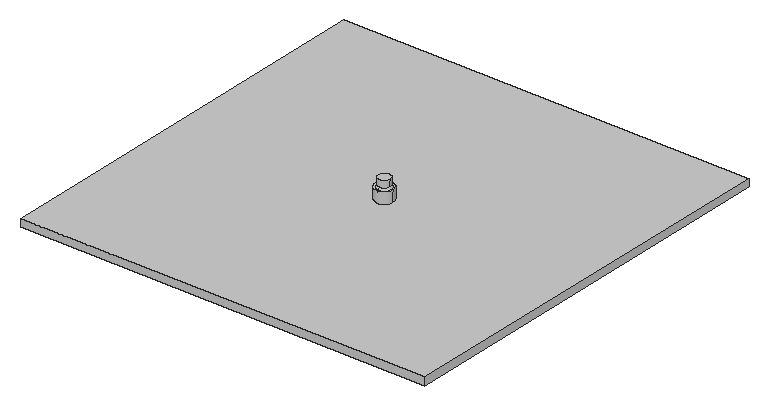
Revit family "SG0086523061CW", category Aparatos sanitarios, Revit 2019 (continued)
Forms (mm)
  Extrusion 575, solid, material "Bronce" <- "Bronce"
    sketch origin (150, -225, 2438.4) x (1, 0, 0) y (0, 1, 0)
      loop
        circle (-375, 375) r 0.896
    from -53.558 to -53.305
  Extrusion 576, solid, material "Bronce" <- "Bronce"
    sketch origin (136.097, -211.426, 2438.4) x (1, 0, 0) y (0, 1, 0)
      loop
        circle (-336.097, 361.426) r 1
    from -53.305 to -53
  Extrusion 577, solid, material "Bronce" <- "Bronce"
    sketch origin (175, -225, 2438.4) x (1, 0, 0) y (0, 1, 0)
      loop
        circle (-375, 375) r 0.896
    from -53.558 to -53.305
  Extrusion 578, solid, material "Bronce" <- "Bronce"
    sketch origin (161.097, -211.426, 2438.4) x (1, 0, 0) y (0, 1, 0)
      loop
        circle (-336.097, 361.426) r 1
    from -53.305 to -53
  Extrusion 579, solid, material "Bronce" <- "Bronce"
    sketch origin (200, -225, 2438.4) x (1, 0, 0) y (0, 1, 0)
      loop
        circle (-375, 375) r 0.896
    from -53.558 to -53.305
  Extrusion 580, solid, material "Bronce" <- "Bronce"
    sketch origin (186.097, -211.426, 2438.4) x (1, 0, 0) y (0, 1, 0)
      loop
        circle (-336.097, 361.426) r 1
    from -53.305 to -53
  Extrusion 581, solid, material "Bronce" <- "Bronce"
    sketch origin (225, -225, 2438.4) x (1, 0, 0) y (0, 1, 0)
      loop
        circle (-375, 375) r 0.896
    from -53.558 to -53.305
  Extrusion 582, solid, material "Bronce" <- "Bronce"
    sketch origin (211.097, -211.426, 2438.4) x (1, 0, 0) y (0, 1, 0)
      loop
        circle (-336.097, 361.426) r 1
    from -53.305 to -53
  Extrusion 583, solid, material "Bronce" <- "Bronce"
    sketch origin (250, -225, 2438.4) x (1, 0, 0) y (0, 1, 0)
      loop
        circle (-375, 375) r 0.896
    from -53.558 to -53.305
  Extrusion 584, solid, material "Bronce" <- "Bronce"
    sketch origin (236.097, -211.426, 2438.4) x (1, 0, 0) y (0, 1, 0)
      loop
        circle (-336.097, 361.426) r 1
    from -53.305 to -53
  Extrusion 585, solid, material "Bronce" <- "Bronce"
    sketch origin (275, -225, 2438.4) x (1, 0, 0) y (0, 1, 0)
      loop
        circle (-375, 375) r 0.896
    from -53.558 to -53.305
  Extrusion 586, solid, material "Bronce" <- "Bronce"
    sketch origin (261.097, -211.426, 2438.4) x (1, 0, 0) y (0, 1, 0)
      loop
        circle (-336.097, 361.426) r 1
    from -53.305 to -53
  Extrusion 587, solid, material "Bronce" <- "Bronce"
    sketch origin (300, -225, 2438.4) x (1, 0, 0) y (0, 1, 0)
      loop
        circle (-375, 375) r 0.896
    from -53.558 to -53.305
  Extrusion 588, solid, material "Bronce" <- "Bronce"
    sketch origin (286.097, -211.426, 2438.4) x (1, 0, 0) y (0, 1, 0)
      loop
        circle (-336.097, 361.426) r 1
    from -53.305 to -53
  Extrusion 589, solid, material "Bronce" <- "Bronce"
    sketch origin (325, -225, 2438.4) x (1, 0, 0) y (0, 1, 0)
      loop
        circle (-375, 375) r 0.896
    from -53.558 to -53.305
  Extrusion 590, solid, material "Bronce" <- "Bronce"
    sketch origin (311.097, -211.426, 2438.4) x (1, 0, 0) y (0, 1, 0)
      loop
        circle (-336.097, 361.426) r 1
    from -53.305 to -53
  Extrusion 591, solid, material "Bronce" <- "Bronce"
    sketch origin (350, -225, 2438.4) x (1, 0, 0) y (0, 1, 0)
      loop
        circle (-375, 375) r 0.896
    from -53.558 to -53.305
  Extrusion 592, solid, material "Bronce" <- "Bronce"
    sketch origin (336.097, -211.426, 2438.4) x (1, 0, 0) y (0, 1, 0)
      loop
        circle (-336.097, 361.426) r 1
    from -53.305 to -53
  Extrusion 593, solid, material "Bronce" <- "Bronce"
    sketch origin (375, -225, 2438.4) x (1, 0, 0) y (0, 1, 0)
      loop
        circle (-375, 375) r 0.896
    from -53.558 to -53.305
  Extrusion 594, solid, material "Bronce" <- "Bronce"
    sketch origin (361.097, -211.426, 2438.4) x (1, 0, 0) y (0, 1, 0)
      loop
        circle (-336.097, 361.426) r 1
    from -53.305 to -53
  Extrusion 595, solid, material "Bronce" <- "Bronce"
    sketch origin (400, -225, 2438.4) x (1, 0, 0) y (0, 1, 0)
      loop
        circle (-375, 375) r 0.896
    from -53.558 to -53.305
  Extrusion 596, solid, material "Bronce" <- "Bronce"
    sketch origin (386.097, -211.426, 2438.4) x (1, 0, 0) y (0, 1, 0)
      loop
        circle (-336.097, 361.426) r 1
    from -53.305 to -53
  Extrusion 597, solid, material "Bronce" <- "Bronce"
    sketch origin (425, -225, 2438.4) x (1, 0, 0) y (0, 1, 0)
      loop
        circle (-375, 375) r 0.896
    from -53.558 to -53.305
  Extrusion 598, solid, material "Bronce" <- "Bronce"
    sketch origin (411.097, -211.426, 2438.4) x (1, 0, 0) y (0, 1, 0)
      loop
        circle (-336.097, 361.426) r 1
    from -53.305 to -53
  Extrusion 599, solid, material "Bronce" <- "Bronce"
    sketch origin (450, -225, 2438.4) x (1, 0, 0) y (0, 1, 0)
      loop
        circle (-375, 375) r 0.896
    from -53.558 to -53.305
  Extrusion 600, solid, material "Bronce" <- "Bronce"
    sketch origin (436.097, -211.426, 2438.4) x (1, 0, 0) y (0, 1, 0)
      loop
        circle (-336.097, 361.426) r 1
    from -53.305 to -53
  Extrusion 601, solid, material "Bronce" <- "Bronce"
    sketch origin (475, -225, 2438.4) x (1, 0, 0) y (0, 1, 0)
      loop
        circle (-375, 375) r 0.896
    from -53.558 to -53.305
  Extrusion 602, solid, material "Bronce" <- "Bronce"
    sketch origin (461.097, -211.426, 2438.4) x (1, 0, 0) y (0, 1, 0)
      loop
        circle (-336.097, 361.426) r 1
    from -53.305 to -53
  Extrusion 603, solid, material "Bronce" <- "Bronce"
    sketch origin (500, -225, 2438.4) x (1, 0, 0) y (0, 1, 0)
      loop
        circle (-375, 375) r 0.896
    from -53.558 to -53.305
  Extrusion 604, solid, material "Bronce" <- "Bronce"
    sketch origin (486.097, -211.426, 2438.4) x (1, 0, 0) y (0, 1, 0)
      loop
        circle (-336.097, 361.426) r 1
    from -53.305 to -53
  Extrusion 605, solid, material "Bronce" <- "Bronce"
    sketch origin (525, -225, 2438.4) x (1, 0, 0) y (0, 1, 0)
      loop
        circle (-375, 375) r 0.896
    from -53.558 to -53.305
  Extrusion 606, solid, material "Bronce" <- "Bronce"
    sketch origin (511.097, -211.426, 2438.4) x (1, 0, 0) y (0, 1, 0)
      loop
        circle (-336.097, 361.426) r 1
    from -53.305 to -53
  Extrusion 607, solid, material "Bronce" <- "Bronce"
    sketch origin (550, -225, 2438.4) x (1, 0, 0) y (0, 1, 0)
      loop
        circle (-375, 375) r 0.896
    from -53.558 to -53.305
  Extrusion 608, solid, material "Bronce" <- "Bronce"
    sketch origin (536.097, -211.426, 2438.4) x (1, 0, 0) y (0, 1, 0)
      loop
        circle (-336.097, 361.426) r 1
    from -53.305 to -53
  Extrusion 609, solid, material "Bronce" <- "Bronce"
    sketch origin (575, -225, 2438.4) x (1, 0, 0) y (0, 1, 0)
      loop
        circle (-375, 375) r 0.896
    from -53.558 to -53.305
  Extrusion 610, solid, material "Bronce" <- "Bronce"
    sketch origin (561.097, -211.426, 2438.4) x (1, 0, 0) y (0, 1, 0)
      loop
        circle (-336.097, 361.426) r 1
    from -53.305 to -53
  Extrusion 611, solid, material "Bronce" <- "Bronce"
    sketch origin (600, -225, 2438.4) x (1, 0, 0) y (0, 1, 0)
      loop
        circle (-375, 375) r 0.896
    from -53.558 to -53.305
  Extrusion 612, solid, material "Bronce" <- "Bronce"
    sketch origin (586.097, -211.426, 2438.4) x (1, 0, 0) y (0, 1, 0)
      loop
        circle (-336.097, 361.426) r 1
    from -53.305 to -53
  Extrusion 613, solid, material "Bronce" <- "Bronce"
    sketch origin (625, -225, 2438.4) x (1, 0, 0) y (0, 1, 0)
      loop
        circle (-375, 375) r 0.896
    from -53.558 to -53.305
  Extrusion 614, solid, material "Bronce" <- "Bronce"
    sketch origin (611.097, -211.426, 2438.4) x (1, 0, 0) y (0, 1, 0)
      loop
        circle (-336.097, 361.426) r 1
    from -53.305 to -53
  Extrusion 615, solid, material "Bronce" <- "Bronce"
    sketch origin (650, -225, 2438.4) x (1, 0, 0) y (0, 1, 0)
      loop
        circle (-375, 375) r 0.896
    from -53.558 to -53.305
  Extrusion 616, solid, material "Bronce" <- "Bronce"
    sketch origin (636.097, -211.426, 2438.4) x (1, 0, 0) y (0, 1, 0)
      loop
        circle (-336.097, 361.426) r 1
    from -53.305 to -53
  Extrusion 617, solid, material "Bronce" <- "Bronce"
    sketch origin (675, -225, 2438.4) x (1, 0, 0) y (0, 1, 0)
      loop
        circle (-375, 375) r 0.896
    from -53.558 to -53.305
  Extrusion 618, solid, material "Bronce" <- "Bronce"
    sketch origin (661.097, -211.426, 2438.4) x (1, 0, 0) y (0, 1, 0)
      loop
        circle (-336.097, 361.426) r 1
    from -53.305 to -53
  Extrusion 619, solid, material "Bronce" <- "Bronce"
    sketch origin (700, -225, 2438.4) x (1, 0, 0) y (0, 1, 0)
      loop
        circle (-375, 375) r 0.896
    from -53.558 to -53.305
  Extrusion 620, solid, material "Bronce" <- "Bronce"
    sketch origin (686.097, -211.426, 2438.4) x (1, 0, 0) y (0, 1, 0)
      loop
        circle (-336.097, 361.426) r 1
    from -53.305 to -53
  Extrusion 621, solid, material "Bronce" <- "Bronce"
    sketch origin (725, -225, 2438.4) x (1, 0, 0) y (0, 1, 0)
      loop
        circle (-375, 375) r 0.896
    from -53.558 to -53.305
  Extrusion 622, solid, material "Bronce" <- "Bronce"
    sketch origin (711.097, -211.426, 2438.4) x (1, 0, 0) y (0, 1, 0)
      loop
        circle (-336.097, 361.426) r 1
    from -53.305 to -53
  Extrusion 623, solid, material "Bronce" <- "Bronce"
    sketch origin (750, -225, 2438.4) x (1, 0, 0) y (0, 1, 0)
      loop
        circle (-375, 375) r 0.896
    from -53.558 to -53.305
  Extrusion 624, solid, material "Bronce" <- "Bronce"
    sketch origin (-38.903, -236.426, 2438.4) x (1, 0, 0) y (0, 1, 0)
      loop
        circle (-336.097, 361.426) r 1
    from -53.305 to -53
  Extrusion 625, solid, material "Bronce" <- "Bronce"
    sketch origin (0, -250, 2438.4) x (1, 0, 0) y (0, 1, 0)
      loop
        circle (-375, 375) r 0.896
    from -53.558 to -53.305
  Extrusion 626, solid, material "Bronce" <- "Bronce"
    sketch origin (-13.903, -236.426, 2438.4) x (1, 0, 0) y (0, 1, 0)
      loop
        circle (-336.097, 361.426) r 1
    from -53.305 to -53
  Extrusion 627, solid, material "Bronce" <- "Bronce"
    sketch origin (25, -250, 2438.4) x (1, 0, 0) y (0, 1, 0)
      loop
        circle (-375, 375) r 0.896
    from -53.558 to -53.305
  Extrusion 628, solid, material "Bronce" <- "Bronce"
    sketch origin (11.097, -236.426, 2438.4) x (1, 0, 0) y (0, 1, 0)
      loop
        circle (-336.097, 361.426) r 1
    from -53.305 to -53
  Extrusion 629, solid, material "Bronce" <- "Bronce"
    sketch origin (50, -250, 2438.4) x (1, 0, 0) y (0, 1, 0)
      loop
        circle (-375, 375) r 0.896
    from -53.558 to -53.305
  Extrusion 630, solid, material "Bronce" <- "Bronce"
    sketch origin (36.097, -236.426, 2438.4) x (1, 0, 0) y (0, 1, 0)
      loop
        circle (-336.097, 361.426) r 1
    from -53.305 to -53
  Extrusion 631, solid, material "Bronce" <- "Bronce"
    sketch origin (75, -250, 2438.4) x (1, 0, 0) y (0, 1, 0)
      loop
        circle (-375, 375) r 0.896
    from -53.558 to -53.305
  Extrusion 632, solid, material "Bronce" <- "Bronce"
    sketch origin (61.097, -236.426, 2438.4) x (1, 0, 0) y (0, 1, 0)
      loop
        circle (-336.097, 361.426) r 1
    from -53.305 to -53
  Extrusion 633, solid, material "Bronce" <- "Bronce"
    sketch origin (100, -250, 2438.4) x (1, 0, 0) y (0, 1, 0)
      loop
        circle (-375, 375) r 0.896
    from -53.558 to -53.305
  Extrusion 634, solid, material "Bronce" <- "Bronce"
    sketch origin (86.097, -236.426, 2438.4) x (1, 0, 0) y (0, 1, 0)
      loop
        circle (-336.097, 361.426) r 1
    from -53.305 to -53
  Extrusion 635, solid, material "Bronce" <- "Bronce"
    sketch origin (125, -250, 2438.4) x (1, 0, 0) y (0, 1, 0)
      loop
        circle (-375, 375) r 0.896
    from -53.558 to -53.305
  Extrusion 636, solid, material "Bronce" <- "Bronce"
    sketch origin (111.097, -236.426, 2438.4) x (1, 0, 0) y (0, 1, 0)
      loop
        circle (-336.097, 361.426) r 1
    from -53.305 to -53
  Extrusion 637, solid, material "Bronce" <- "Bronce"
    sketch origin (150, -250, 2438.4) x (1, 0, 0) y (0, 1, 0)
      loop
        circle (-375, 375) r 0.896
    from -53.558 to -53.305
  Extrusion 638, solid, material "Bronce" <- "Bronce"
    sketch origin (136.097, -236.426, 2438.4) x (1, 0, 0) y (0, 1, 0)
      loop
        circle (-336.097, 361.426) r 1
    from -53.305 to -53
  Extrusion 639, solid, material "Bronce" <- "Bronce"
    sketch origin (175, -250, 2438.4) x (1, 0, 0) y (0, 1, 0)
      loop
        circle (-375, 375) r 0.896
    from -53.558 to -53.305
  Extrusion 640, solid, material "Bronce" <- "Bronce"
    sketch origin (161.097, -236.426, 2438.4) x (1, 0, 0) y (0, 1, 0)
      loop
        circle (-336.097, 361.426) r 1
    from -53.305 to -53
  Extrusion 641, solid, material "Bronce" <- "Bronce"
    sketch origin (200, -250, 2438.4) x (1, 0, 0) y (0, 1, 0)
      loop
        circle (-375, 375) r 0.896
    from -53.558 to -53.305
  Extrusion 642, solid, material "Bronce" <- "Bronce"
    sketch origin (186.097, -236.426, 2438.4) x (1, 0, 0) y (0, 1, 0)
      loop
        circle (-336.097, 361.426) r 1
    from -53.305 to -53
  Extrusion 643, solid, material "Bronce" <- "Bronce"
    sketch origin (225, -250, 2438.4) x (1, 0, 0) y (0, 1, 0)
      loop
        circle (-375, 375) r 0.896
    from -53.558 to -53.305
  Extrusion 644, solid, material "Bronce" <- "Bronce"
    sketch origin (211.097, -236.426, 2438.4) x (1, 0, 0) y (0, 1, 0)
      loop
        circle (-336.097, 361.426) r 1
    from -53.305 to -53
  Extrusion 645, solid, material "Bronce" <- "Bronce"
    sketch origin (250, -250, 2438.4) x (1, 0, 0) y (0, 1, 0)
      loop
        circle (-375, 375) r 0.896
    from -53.558 to -53.305
  Extrusion 646, solid, material "Bronce" <- "Bronce"
    sketch origin (236.097, -236.426, 2438.4) x (1, 0, 0) y (0, 1, 0)
      loop
        circle (-336.097, 361.426) r 1
    from -53.305 to -53
  Extrusion 647, solid, material "Bronce" <- "Bronce"
    sketch origin (275, -250, 2438.4) x (1, 0, 0) y (0, 1, 0)
      loop
        circle (-375, 375) r 0.896
    from -53.558 to -53.305
  Extrusion 648, solid, material "Bronce" <- "Bronce"
    sketch origin (261.097, -236.426, 2438.4) x (1, 0, 0) y (0, 1, 0)
      loop
        circle (-336.097, 361.426) r 1
    from -53.305 to -53
  Extrusion 649, solid, material "Bronce" <- "Bronce"
    sketch origin (300, -250, 2438.4) x (1, 0, 0) y (0, 1, 0)
      loop
        circle (-375, 375) r 0.896
    from -53.558 to -53.305
  Extrusion 650, solid, material "Bronce" <- "Bronce"
    sketch origin (286.097, -236.426, 2438.4) x (1, 0, 0) y (0, 1, 0)
      loop
        circle (-336.097, 361.426) r 1
    from -53.305 to -53
  Extrusion 651, solid, material "Bronce" <- "Bronce"
    sketch origin (325, -250, 2438.4) x (1, 0, 0) y (0, 1, 0)
      loop
        circle (-375, 375) r 0.896
    from -53.558 to -53.305
  Extrusion 652, solid, material "Bronce" <- "Bronce"
    sketch origin (311.097, -236.426, 2438.4) x (1, 0, 0) y (0, 1, 0)
      loop
        circle (-336.097, 361.426) r 1
    from -53.305 to -53
  Extrusion 653, solid, material "Bronce" <- "Bronce"
    sketch origin (350, -250, 2438.4) x (1, 0, 0) y (0, 1, 0)
      loop
        circle (-375, 375) r 0.896
    from -53.558 to -53.305
  Extrusion 654, solid, material "Bronce" <- "Bronce"
    sketch origin (336.097, -236.426, 2438.4) x (1, 0, 0) y (0, 1, 0)
      loop
        circle (-336.097, 361.426) r 1
    from -53.305 to -53
  Extrusion 655, solid, material "Bronce" <- "Bronce"
    sketch origin (375, -250, 2438.4) x (1, 0, 0) y (0, 1, 0)
      loop
        circle (-375, 375) r 0.896
    from -53.558 to -53.305
  Extrusion 656, solid, material "Bronce" <- "Bronce"
    sketch origin (361.097, -236.426, 2438.4) x (1, 0, 0) y (0, 1, 0)
      loop
        circle (-336.097, 361.426) r 1
    from -53.305 to -53
  Extrusion 657, solid, material "Bronce" <- "Bronce"
    sketch origin (400, -250, 2438.4) x (1, 0, 0) y (0, 1, 0)
      loop
        circle (-375, 375) r 0.896
    from -53.558 to -53.305
  Extrusion 658, solid, material "Bronce" <- "Bronce"
    sketch origin (386.097, -236.426, 2438.4) x (1, 0, 0) y (0, 1, 0)
      loop
        circle (-336.097, 361.426) r 1
    from -53.305 to -53
  Extrusion 659, solid, material "Bronce" <- "Bronce"
    sketch origin (425, -250, 2438.4) x (1, 0, 0) y (0, 1, 0)
      loop
        circle (-375, 375) r 0.896
    from -53.558 to -53.305
  Extrusion 660, solid, material "Bronce" <- "Bronce"
    sketch origin (411.097, -236.426, 2438.4) x (1, 0, 0) y (0, 1, 0)
      loop
        circle (-336.097, 361.426) r 1
    from -53.305 to -53
  Extrusion 661, solid, material "Bronce" <- "Bronce"
    sketch origin (450, -250, 2438.4) x (1, 0, 0) y (0, 1, 0)
      loop
        circle (-375, 375) r 0.896
    from -53.558 to -53.305
  Extrusion 662, solid, material "Bronce" <- "Bronce"
    sketch origin (436.097, -236.426, 2438.4) x (1, 0, 0) y (0, 1, 0)
      loop
        circle (-336.097, 361.426) r 1
    from -53.305 to -53
  Extrusion 663, solid, material "Bronce" <- "Bronce"
    sketch origin (475, -250, 2438.4) x (1, 0, 0) y (0, 1, 0)
      loop
        circle (-375, 375) r 0.896
    from -53.558 to -53.305
  Extrusion 664, solid, material "Bronce" <- "Bronce"
    sketch origin (461.097, -236.426, 2438.4) x (1, 0, 0) y (0, 1, 0)
      loop
        circle (-336.097, 361.426) r 1
    from -53.305 to -53
  Extrusion 665, solid, material "Bronce" <- "Bronce"
    sketch origin (500, -250, 2438.4) x (1, 0, 0) y (0, 1, 0)
      loop
        circle (-375, 375) r 0.896
    from -53.558 to -53.305
  Extrusion 666, solid, material "Bronce" <- "Bronce"
    sketch origin (486.097, -236.426, 2438.4) x (1, 0, 0) y (0, 1, 0)
      loop
        circle (-336.097, 361.426) r 1
    from -53.305 to -53
  Extrusion 667, solid, material "Bronce" <- "Bronce"
    sketch origin (525, -250, 2438.4) x (1, 0, 0) y (0, 1, 0)
      loop
        circle (-375, 375) r 0.896
    from -53.558 to -53.305
  Extrusion 668, solid, material "Bronce" <- "Bronce"
    sketch origin (511.097, -236.426, 2438.4) x (1, 0, 0) y (0, 1, 0)
      loop
        circle (-336.097, 361.426) r 1
    from -53.305 to -53
  Extrusion 669, solid, material "Bronce" <- "Bronce"
    sketch origin (550, -250, 2438.4) x (1, 0, 0) y (0, 1, 0)
      loop
        circle (-375, 375) r 0.896
    from -53.558 to -53.305
  Extrusion 670, solid, material "Bronce" <- "Bronce"
    sketch origin (536.097, -236.426, 2438.4) x (1, 0, 0) y (0, 1, 0)
      loop
        circle (-336.097, 361.426) r 1
    from -53.305 to -53
  Extrusion 671, solid, material "Bronce" <- "Bronce"
    sketch origin (575, -250, 2438.4) x (1, 0, 0) y (0, 1, 0)
      loop
        circle (-375, 375) r 0.896
    from -53.558 to -53.305
  Extrusion 672, solid, material "Bronce" <- "Bronce"
    sketch origin (561.097, -236.426, 2438.4) x (1, 0, 0) y (0, 1, 0)
      loop
        circle (-336.097, 361.426) r 1
    from -53.305 to -53
  Extrusion 673, solid, material "Bronce" <- "Bronce"
    sketch origin (600, -250, 2438.4) x (1, 0, 0) y (0, 1, 0)
      loop
        circle (-375, 375) r 0.896
    from -53.558 to -53.305
  Extrusion 674, solid, material "Bronce" <- "Bronce"
    sketch origin (586.097, -236.426, 2438.4) x (1, 0, 0) y (0, 1, 0)
      loop
        circle (-336.097, 361.426) r 1
    from -53.305 to -53
  Extrusion 675, solid, material "Bronce" <- "Bronce"
    sketch origin (625, -250, 2438.4) x (1, 0, 0) y (0, 1, 0)
      loop
        circle (-375, 375) r 0.896
    from -53.558 to -53.305
  Extrusion 676, solid, material "Bronce" <- "Bronce"
    sketch origin (611.097, -236.426, 2438.4) x (1, 0, 0) y (0, 1, 0)
      loop
        circle (-336.097, 361.426) r 1
    from -53.305 to -53
  Extrusion 677, solid, material "Bronce" <- "Bronce"
    sketch origin (650, -250, 2438.4) x (1, 0, 0) y (0, 1, 0)
      loop
        circle (-375, 375) r 0.896
    from -53.558 to -53.305
  Extrusion 678, solid, material "Bronce" <- "Bronce"
    sketch origin (636.097, -236.426, 2438.4) x (1, 0, 0) y (0, 1, 0)
      loop
        circle (-336.097, 361.426) r 1
    from -53.305 to -53
  Extrusion 679, solid, material "Bronce" <- "Bronce"
    sketch origin (675, -250, 2438.4) x (1, 0, 0) y (0, 1, 0)
      loop
        circle (-375, 375) r 0.896
    from -53.558 to -53.305
  Extrusion 680, solid, material "Bronce" <- "Bronce"
    sketch origin (661.097, -236.426, 2438.4) x (1, 0, 0) y (0, 1, 0)
      loop
        circle (-336.097, 361.426) r 1
    from -53.305 to -53
  Extrusion 681, solid, material "Bronce" <- "Bronce"
    sketch origin (700, -250, 2438.4) x (1, 0, 0) y (0, 1, 0)
      loop
        circle (-375, 375) r 0.896
    from -53.558 to -53.305
  Extrusion 682, solid, material "Bronce" <- "Bronce"
    sketch origin (686.097, -236.426, 2438.4) x (1, 0, 0) y (0, 1, 0)
      loop
        circle (-336.097, 361.426) r 1
    from -53.305 to -53
  Extrusion 683, solid, material "Bronce" <- "Bronce"
    sketch origin (725, -250, 2438.4) x (1, 0, 0) y (0, 1, 0)
      loop
        circle (-375, 375) r 0.896
    from -53.558 to -53.305
  Extrusion 684, solid, material "Bronce" <- "Bronce"
    sketch origin (711.097, -236.426, 2438.4) x (1, 0, 0) y (0, 1, 0)
      loop
        circle (-336.097, 361.426) r 1
    from -53.305 to -53
  Extrusion 685, solid, material "Bronce" <- "Bronce"
    sketch origin (750, -250, 2438.4) x (1, 0, 0) y (0, 1, 0)
      loop
        circle (-375, 375) r 0.896
    from -53.558 to -53.305
  Extrusion 686, solid, material "Bronce" <- "Bronce"
    sketch origin (-38.903, -261.426, 2438.4) x (1, 0, 0) y (0, 1, 0)
      loop
        circle (-336.097, 361.426) r 1
    from -53.305 to -53
  Extrusion 687, solid, material "Bronce" <- "Bronce"
    sketch origin (0, -275, 2438.4) x (1, 0, 0) y (0, 1, 0)
      loop
        circle (-375, 375) r 0.896
    from -53.558 to -53.305
  Extrusion 688, solid, material "Bronce" <- "Bronce"
    sketch origin (-13.903, -261.426, 2438.4) x (1, 0, 0) y (0, 1, 0)
      loop
        circle (-336.097, 361.426) r 1
    from -53.305 to -53
  Extrusion 689, solid, material "Bronce" <- "Bronce"
    sketch origin (25, -275, 2438.4) x (1, 0, 0) y (0, 1, 0)
      loop
        circle (-375, 375) r 0.896
    from -53.558 to -53.305
  Extrusion 690, solid, material "Bronce" <- "Bronce"
    sketch origin (11.097, -261.426, 2438.4) x (1, 0, 0) y (0, 1, 0)
      loop
        circle (-336.097, 361.426) r 1
    from -53.305 to -53
  Extrusion 691, solid, material "Bronce" <- "Bronce"
    sketch origin (50, -275, 2438.4) x (1, 0, 0) y (0, 1, 0)
      loop
        circle (-375, 375) r 0.896
    from -53.558 to -53.305
  Extrusion 692, solid, material "Bronce" <- "Bronce"
    sketch origin (36.097, -261.426, 2438.4) x (1, 0, 0) y (0, 1, 0)
      loop
        circle (-336.097, 361.426) r 1
    from -53.305 to -53
  Extrusion 693, solid, material "Bronce" <- "Bronce"
    sketch origin (75, -275, 2438.4) x (1, 0, 0) y (0, 1, 0)
      loop
        circle (-375, 375) r 0.896
    from -53.558 to -53.305
  Extrusion 694, solid, material "Bronce" <- "Bronce"
    sketch origin (61.097, -261.426, 2438.4) x (1, 0, 0) y (0, 1, 0)
      loop
        circle (-336.097, 361.426) r 1
    from -53.305 to -53
  Extrusion 695, solid, material "Bronce" <- "Bronce"
    sketch origin (100, -275, 2438.4) x (1, 0, 0) y (0, 1, 0)
      loop
        circle (-375, 375) r 0.896
    from -53.558 to -53.305
  Extrusion 696, solid, material "Bronce" <- "Bronce"
    sketch origin (86.097, -261.426, 2438.4) x (1, 0, 0) y (0, 1, 0)
      loop
        circle (-336.097, 361.426) r 1
    from -53.305 to -53
  Extrusion 697, solid, material "Bronce" <- "Bronce"
    sketch origin (125, -275, 2438.4) x (1, 0, 0) y (0, 1, 0)
      loop
        circle (-375, 375) r 0.896
    from -53.558 to -53.305
  Extrusion 698, solid, material "Bronce" <- "Bronce"
    sketch origin (111.097, -261.426, 2438.4) x (1, 0, 0) y (0, 1, 0)
      loop
        circle (-336.097, 361.426) r 1
    from -53.305 to -53
  Extrusion 699, solid, material "Bronce" <- "Bronce"
    sketch origin (150, -275, 2438.4) x (1, 0, 0) y (0, 1, 0)
      loop
        circle (-375, 375) r 0.896
    from -53.558 to -53.305
  Extrusion 700, solid, material "Bronce" <- "Bronce"
    sketch origin (136.097, -261.426, 2438.4) x (1, 0, 0) y (0, 1, 0)
      loop
        circle (-336.097, 361.426) r 1
    from -53.305 to -53
  Extrusion 701, solid, material "Bronce" <- "Bronce"
    sketch origin (175, -275, 2438.4) x (1, 0, 0) y (0, 1, 0)
      loop
        circle (-375, 375) r 0.896
    from -53.558 to -53.305
  Extrusion 702, solid, material "Bronce" <- "Bronce"
    sketch origin (161.097, -261.426, 2438.4) x (1, 0, 0) y (0, 1, 0)
      loop
        circle (-336.097, 361.426) r 1
    from -53.305 to -53
  Extrusion 703, solid, material "Bronce" <- "Bronce"
    sketch origin (200, -275, 2438.4) x (1, 0, 0) y (0, 1, 0)
      loop
        circle (-375, 375) r 0.896
    from -53.558 to -53.305
  Extrusion 704, solid, material "Bronce" <- "Bronce"
    sketch origin (186.097, -261.426, 2438.4) x (1, 0, 0) y (0, 1, 0)
      loop
        circle (-336.097, 361.426) r 1
    from -53.305 to -53
  Extrusion 705, solid, material "Bronce" <- "Bronce"
    sketch origin (225, -275, 2438.4) x (1, 0, 0) y (0, 1, 0)
      loop
        circle (-375, 375) r 0.896
    from -53.558 to -53.305
  Extrusion 706, solid, material "Bronce" <- "Bronce"
    sketch origin (211.097, -261.426, 2438.4) x (1, 0, 0) y (0, 1, 0)
      loop
        circle (-336.097, 361.426) r 1
    from -53.305 to -53
  Extrusion 707, solid, material "Bronce" <- "Bronce"
    sketch origin (250, -275, 2438.4) x (1, 0, 0) y (0, 1, 0)
      loop
        circle (-375, 375) r 0.896
    from -53.558 to -53.305
  Extrusion 708, solid, material "Bronce" <- "Bronce"
    sketch origin (236.097, -261.426, 2438.4) x (1, 0, 0) y (0, 1, 0)
      loop
        circle (-336.097, 361.426) r 1
    from -53.305 to -53
  Extrusion 709, solid, material "Bronce" <- "Bronce"
    sketch origin (275, -275, 2438.4) x (1, 0, 0) y (0, 1, 0)
      loop
        circle (-375, 375) r 0.896
    from -53.558 to -53.305
  Extrusion 710, solid, material "Bronce" <- "Bronce"
    sketch origin (261.097, -261.426, 2438.4) x (1, 0, 0) y (0, 1, 0)
      loop
        circle (-336.097, 361.426) r 1
    from -53.305 to -53
  Extrusion 711, solid, material "Bronce" <- "Bronce"
    sketch origin (300, -275, 2438.4) x (1, 0, 0) y (0, 1, 0)
      loop
        circle (-375, 375) r 0.896
    from -53.558 to -53.305
  Extrusion 712, solid, material "Bronce" <- "Bronce"
    sketch origin (286.097, -261.426, 2438.4) x (1, 0, 0) y (0, 1, 0)
      loop
        circle (-336.097, 361.426) r 1
    from -53.305 to -53
  Extrusion 713, solid, material "Bronce" <- "Bronce"
    sketch origin (325, -275, 2438.4) x (1, 0, 0) y (0, 1, 0)
      loop
        circle (-375, 375) r 0.896
    from -53.558 to -53.305
  Extrusion 714, solid, material "Bronce" <- "Bronce"
    sketch origin (311.097, -261.426, 2438.4) x (1, 0, 0) y (0, 1, 0)
      loop
        circle (-336.097, 361.426) r 1
    from -53.305 to -53
  Extrusion 715, solid, material "Bronce" <- "Bronce"
    sketch origin (350, -275, 2438.4) x (1, 0, 0) y (0, 1, 0)
      loop
        circle (-375, 375) r 0.896
    from -53.558 to -53.305
  Extrusion 716, solid, material "Bronce" <- "Bronce"
    sketch origin (336.097, -261.426, 2438.4) x (1, 0, 0) y (0, 1, 0)
      loop
        circle (-336.097, 361.426) r 1
    from -53.305 to -53
  Extrusion 717, solid, material "Bronce" <- "Bronce"
    sketch origin (375, -275, 2438.4) x (1, 0, 0) y (0, 1, 0)
      loop
        circle (-375, 375) r 0.896
    from -53.558 to -53.305
  Extrusion 718, solid, material "Bronce" <- "Bronce"
    sketch origin (361.097, -261.426, 2438.4) x (1, 0, 0) y (0, 1, 0)
      loop
        circle (-336.097, 361.426) r 1
    from -53.305 to -53
  Extrusion 719, solid, material "Bronce" <- "Bronce"
    sketch origin (400, -275, 2438.4) x (1, 0, 0) y (0, 1, 0)
      loop
        circle (-375, 375) r 0.896
    from -53.558 to -53.305
  Extrusion 720, solid, material "Bronce" <- "Bronce"
    sketch origin (386.097, -261.426, 2438.4) x (1, 0, 0) y (0, 1, 0)
      loop
        circle (-336.097, 361.426) r 1
    from -53.305 to -53
  Extrusion 721, solid, material "Bronce" <- "Bronce"
    sketch origin (425, -275, 2438.4) x (1, 0, 0) y (0, 1, 0)
      loop
        circle (-375, 375) r 0.896
    from -53.558 to -53.305
  Extrusion 722, solid, material "Bronce" <- "Bronce"
    sketch origin (411.097, -261.426, 2438.4) x (1, 0, 0) y (0, 1, 0)
      loop
        circle (-336.097, 361.426) r 1
    from -53.305 to -53
  Extrusion 723, solid, material "Bronce" <- "Bronce"
    sketch origin (450, -275, 2438.4) x (1, 0, 0) y (0, 1, 0)
      loop
        circle (-375, 375) r 0.896
    from -53.558 to -53.305
  Extrusion 724, solid, material "Bronce" <- "Bronce"
    sketch origin (436.097, -261.426, 2438.4) x (1, 0, 0) y (0, 1, 0)
      loop
        circle (-336.097, 361.426) r 1
    from -53.305 to -53
  Extrusion 725, solid, material "Bronce" <- "Bronce"
    sketch origin (475, -275, 2438.4) x (1, 0, 0) y (0, 1, 0)
      loop
        circle (-375, 375) r 0.896
    from -53.558 to -53.305
  Extrusion 726, solid, material "Bronce" <- "Bronce"
    sketch origin (461.097, -261.426, 2438.4) x (1, 0, 0) y (0, 1, 0)
      loop
        circle (-336.097, 361.426) r 1
    from -53.305 to -53
  Extrusion 727, solid, material "Bronce" <- "Bronce"
    sketch origin (500, -275, 2438.4) x (1, 0, 0) y (0, 1, 0)
      loop
        circle (-375, 375) r 0.896
    from -53.558 to -53.305
  Extrusion 728, solid, material "Bronce" <- "Bronce"
    sketch origin (486.097, -261.426, 2438.4) x (1, 0, 0) y (0, 1, 0)
      loop
        circle (-336.097, 361.426) r 1
    from -53.305 to -53
  Extrusion 729, solid, material "Bronce" <- "Bronce"
    sketch origin (525, -275, 2438.4) x (1, 0, 0) y (0, 1, 0)
      loop
        circle (-375, 375) r 0.896
    from -53.558 to -53.305
  Extrusion 730, solid, material "Bronce" <- "Bronce"
    sketch origin (511.097, -261.426, 2438.4) x (1, 0, 0) y (0, 1, 0)
      loop
        circle (-336.097, 361.426) r 1
    from -53.305 to -53
  Extrusion 731, solid, material "Bronce" <- "Bronce"
    sketch origin (550, -275, 2438.4) x (1, 0, 0) y (0, 1, 0)
      loop
        circle (-375, 375) r 0.896
    from -53.558 to -53.305
  Extrusion 732, solid, material "Bronce" <- "Bronce"
    sketch origin (536.097, -261.426, 2438.4) x (1, 0, 0) y (0, 1, 0)
      loop
        circle (-336.097, 361.426) r 1
    from -53.305 to -53
  Extrusion 733, solid, material "Bronce" <- "Bronce"
    sketch origin (575, -275, 2438.4) x (1, 0, 0) y (0, 1, 0)
      loop
        circle (-375, 375) r 0.896
    from -53.558 to -53.305
  Extrusion 734, solid, material "Bronce" <- "Bronce"
    sketch origin (561.097, -261.426, 2438.4) x (1, 0, 0) y (0, 1, 0)
      loop
        circle (-336.097, 361.426) r 1
    from -53.305 to -53
  Extrusion 735, solid, material "Bronce" <- "Bronce"
    sketch origin (600, -275, 2438.4) x (1, 0, 0) y (0, 1, 0)
      loop
        circle (-375, 375) r 0.896
    from -53.558 to -53.305
  Extrusion 736, solid, material "Bronce" <- "Bronce"
    sketch origin (586.097, -261.426, 2438.4) x (1, 0, 0) y (0, 1, 0)
      loop
        circle (-336.097, 361.426) r 1
    from -53.305 to -53
  Extrusion 737, solid, material "Bronce" <- "Bronce"
    sketch origin (625, -275, 2438.4) x (1, 0, 0) y (0, 1, 0)
      loop
        circle (-375, 375) r 0.896
    from -53.558 to -53.305
  Extrusion 738, solid, material "Bronce" <- "Bronce"
    sketch origin (611.097, -261.426, 2438.4) x (1, 0, 0) y (0, 1, 0)
      loop
        circle (-336.097, 361.426) r 1
    from -53.305 to -53
  Extrusion 739, solid, material "Bronce" <- "Bronce"
    sketch origin (650, -275, 2438.4) x (1, 0, 0) y (0, 1, 0)
      loop
        circle (-375, 375) r 0.896
    from -53.558 to -53.305
  Extrusion 740, solid, material "Bronce" <- "Bronce"
    sketch origin (636.097, -261.426, 2438.4) x (1, 0, 0) y (0, 1, 0)
      loop
        circle (-336.097, 361.426) r 1
    from -53.305 to -53
  Extrusion 741, solid, material "Bronce" <- "Bronce"
    sketch origin (675, -275, 2438.4) x (1, 0, 0) y (0, 1, 0)
      loop
        circle (-375, 375) r 0.896
    from -53.558 to -53.305
  Extrusion 742, solid, material "Bronce" <- "Bronce"
    sketch origin (661.097, -261.426, 2438.4) x (1, 0, 0) y (0, 1, 0)
      loop
        circle (-336.097, 361.426) r 1
    from -53.305 to -53
  Extrusion 743, solid, material "Bronce" <- "Bronce"
    sketch origin (700, -275, 2438.4) x (1, 0, 0) y (0, 1, 0)
      loop
        circle (-375, 375) r 0.896
    from -53.558 to -53.305
  Extrusion 744, solid, material "Bronce" <- "Bronce"
    sketch origin (686.097, -261.426, 2438.4) x (1, 0, 0) y (0, 1, 0)
      loop
        circle (-336.097, 361.426) r 1
    from -53.305 to -53
  Extrusion 745, solid, material "Bronce" <- "Bronce"
    sketch origin (725, -275, 2438.4) x (1, 0, 0) y (0, 1, 0)
      loop
        circle (-375, 375) r 0.896
    from -53.558 to -53.305
  Extrusion 746, solid, material "Bronce" <- "Bronce"
    sketch origin (711.097, -261.426, 2438.4) x (1, 0, 0) y (0, 1, 0)
      loop
        circle (-336.097, 361.426) r 1
    from -53.305 to -53
  Extrusion 747, solid, material "Bronce" <- "Bronce"
    sketch origin (750, -275, 2438.4) x (1, 0, 0) y (0, 1, 0)
      loop
        circle (-375, 375) r 0.896
    from -53.558 to -53.305
  Extrusion 748, solid, material "Bronce" <- "Bronce"
    sketch origin (-38.903, -286.426, 2438.4) x (1, 0, 0) y (0, 1, 0)
      loop
        circle (-336.097, 361.426) r 1
    from -53.305 to -53
  Extrusion 749, solid, material "Bronce" <- "Bronce"
    sketch origin (0, -300, 2438.4) x (1, 0, 0) y (0, 1, 0)
      loop
        circle (-375, 375) r 0.896
    from -53.558 to -53.305
  Extrusion 750, solid, material "Bronce" <- "Bronce"
    sketch origin (-13.903, -286.426, 2438.4) x (1, 0, 0) y (0, 1, 0)
      loop
        circle (-336.097, 361.426) r 1
    from -53.305 to -53
  Extrusion 751, solid, material "Bronce" <- "Bronce"
    sketch origin (25, -300, 2438.4) x (1, 0, 0) y (0, 1, 0)
      loop
        circle (-375, 375) r 0.896
    from -53.558 to -53.305
  Extrusion 752, solid, material "Bronce" <- "Bronce"
    sketch origin (11.097, -286.426, 2438.4) x (1, 0, 0) y (0, 1, 0)
      loop
        circle (-336.097, 361.426) r 1
    from -53.305 to -53
  Extrusion 753, solid, material "Bronce" <- "Bronce"
    sketch origin (50, -300, 2438.4) x (1, 0, 0) y (0, 1, 0)
      loop
        circle (-375, 375) r 0.896
    from -53.558 to -53.305
  Extrusion 754, solid, material "Bronce" <- "Bronce"
    sketch origin (36.097, -286.426, 2438.4) x (1, 0, 0) y (0, 1, 0)
      loop
        circle (-336.097, 361.426) r 1
    from -53.305 to -53
  Extrusion 755, solid, material "Bronce" <- "Bronce"
    sketch origin (75, -300, 2438.4) x (1, 0, 0) y (0, 1, 0)
      loop
        circle (-375, 375) r 0.896
    from -53.558 to -53.305
  Extrusion 756, solid, material "Bronce" <- "Bronce"
    sketch origin (61.097, -286.426, 2438.4) x (1, 0, 0) y (0, 1, 0)
      loop
        circle (-336.097, 361.426) r 1
    from -53.305 to -53
  Extrusion 757, solid, material "Bronce" <- "Bronce"
    sketch origin (100, -300, 2438.4) x (1, 0, 0) y (0, 1, 0)
      loop
        circle (-375, 375) r 0.896
    from -53.558 to -53.305
  Extrusion 758, solid, material "Bronce" <- "Bronce"
    sketch origin (86.097, -286.426, 2438.4) x (1, 0, 0) y (0, 1, 0)
      loop
        circle (-336.097, 361.426) r 1
    from -53.305 to -53
  Extrusion 759, solid, material "Bronce" <- "Bronce"
    sketch origin (125, -300, 2438.4) x (1, 0, 0) y (0, 1, 0)
      loop
        circle (-375, 375) r 0.896
    from -53.558 to -53.305
  Extrusion 760, solid, material "Bronce" <- "Bronce"
    sketch origin (111.097, -286.426, 2438.4) x (1, 0, 0) y (0, 1, 0)
      loop
        circle (-336.097, 361.426) r 1
    from -53.305 to -53
  Extrusion 761, solid, material "Bronce" <- "Bronce"
    sketch origin (150, -300, 2438.4) x (1, 0, 0) y (0, 1, 0)
      loop
        circle (-375, 375) r 0.896
    from -53.558 to -53.305
  Extrusion 762, solid, material "Bronce" <- "Bronce"
    sketch origin (136.097, -286.426, 2438.4) x (1, 0, 0) y (0, 1, 0)
      loop
        circle (-336.097, 361.426) r 1
    from -53.305 to -53
  Extrusion 763, solid, material "Bronce" <- "Bronce"
    sketch origin (175, -300, 2438.4) x (1, 0, 0) y (0, 1, 0)
      loop
        circle (-375, 375) r 0.896
    from -53.558 to -53.305
  Extrusion 764, solid, material "Bronce" <- "Bronce"
    sketch origin (161.097, -286.426, 2438.4) x (1, 0, 0) y (0, 1, 0)
      loop
        circle (-336.097, 361.426) r 1
    from -53.305 to -53
  Extrusion 765, solid, material "Bronce" <- "Bronce"
    sketch origin (200, -300, 2438.4) x (1, 0, 0) y (0, 1, 0)
      loop
        circle (-375, 375) r 0.896
    from -53.558 to -53.305
  Extrusion 766, solid, material "Bronce" <- "Bronce"
    sketch origin (186.097, -286.426, 2438.4) x (1, 0, 0) y (0, 1, 0)
      loop
        circle (-336.097, 361.426) r 1
    from -53.305 to -53
  Extrusion 767, solid, material "Bronce" <- "Bronce"
    sketch origin (225, -300, 2438.4) x (1, 0, 0) y (0, 1, 0)
      loop
        circle (-375, 375) r 0.896
    from -53.558 to -53.305
  Extrusion 768, solid, material "Bronce" <- "Bronce"
    sketch origin (211.097, -286.426, 2438.4) x (1, 0, 0) y (0, 1, 0)
      loop
        circle (-336.097, 361.426) r 1
    from -53.305 to -53
  Extrusion 769, solid, material "Bronce" <- "Bronce"
    sketch origin (250, -300, 2438.4) x (1, 0, 0) y (0, 1, 0)
      loop
        circle (-375, 375) r 0.896
    from -53.558 to -53.305
  Extrusion 770, solid, material "Bronce" <- "Bronce"
    sketch origin (236.097, -286.426, 2438.4) x (1, 0, 0) y (0, 1, 0)
      loop
        circle (-336.097, 361.426) r 1
    from -53.305 to -53
  Extrusion 771, solid, material "Bronce" <- "Bronce"
    sketch origin (275, -300, 2438.4) x (1, 0, 0) y (0, 1, 0)
      loop
        circle (-375, 375) r 0.896
    from -53.558 to -53.305
  Extrusion 772, solid, material "Bronce" <- "Bronce"
    sketch origin (261.097, -286.426, 2438.4) x (1, 0, 0) y (0, 1, 0)
      loop
        circle (-336.097, 361.426) r 1
    from -53.305 to -53
  Extrusion 773, solid, material "Bronce" <- "Bronce"
    sketch origin (300, -300, 2438.4) x (1, 0, 0) y (0, 1, 0)
      loop
        circle (-375, 375) r 0.896
    from -53.558 to -53.305
  Extrusion 774, solid, material "Bronce" <- "Bronce"
    sketch origin (286.097, -286.426, 2438.4) x (1, 0, 0) y (0, 1, 0)
      loop
        circle (-336.097, 361.426) r 1
    from -53.305 to -53
  Extrusion 775, solid, material "Bronce" <- "Bronce"
    sketch origin (325, -300, 2438.4) x (1, 0, 0) y (0, 1, 0)
      loop
        circle (-375, 375) r 0.896
    from -53.558 to -53.305
  Extrusion 776, solid, material "Bronce" <- "Bronce"
    sketch origin (311.097, -286.426, 2438.4) x (1, 0, 0) y (0, 1, 0)
      loop
        circle (-336.097, 361.426) r 1
    from -53.305 to -53
  Extrusion 777, solid, material "Bronce" <- "Bronce"
    sketch origin (350, -300, 2438.4) x (1, 0, 0) y (0, 1, 0)
      loop
        circle (-375, 375) r 0.896
    from -53.558 to -53.305
  Extrusion 778, solid, material "Bronce" <- "Bronce"
    sketch origin (336.097, -286.426, 2438.4) x (1, 0, 0) y (0, 1, 0)
      loop
        circle (-336.097, 361.426) r 1
    from -53.305 to -53
  Extrusion 779, solid, material "Bronce" <- "Bronce"
    sketch origin (375, -300, 2438.4) x (1, 0, 0) y (0, 1, 0)
      loop
        circle (-375, 375) r 0.896
    from -53.558 to -53.305
  Extrusion 780, solid, material "Bronce" <- "Bronce"
    sketch origin (361.097, -286.426, 2438.4) x (1, 0, 0) y (0, 1, 0)
      loop
        circle (-336.097, 361.426) r 1
    from -53.305 to -53
  Extrusion 781, solid, material "Bronce" <- "Bronce"
    sketch origin (400, -300, 2438.4) x (1, 0, 0) y (0, 1, 0)
      loop
        circle (-375, 375) r 0.896
    from -53.558 to -53.305
  Extrusion 782, solid, material "Bronce" <- "Bronce"
    sketch origin (386.097, -286.426, 2438.4) x (1, 0, 0) y (0, 1, 0)
      loop
        circle (-336.097, 361.426) r 1
    from -53.305 to -53
  Extrusion 783, solid, material "Bronce" <- "Bronce"
    sketch origin (425, -300, 2438.4) x (1, 0, 0) y (0, 1, 0)
      loop
        circle (-375, 375) r 0.896
    from -53.558 to -53.305
  Extrusion 784, solid, material "Bronce" <- "Bronce"
    sketch origin (411.097, -286.426, 2438.4) x (1, 0, 0) y (0, 1, 0)
      loop
        circle (-336.097, 361.426) r 1
    from -53.305 to -53
  Extrusion 785, solid, material "Bronce" <- "Bronce"
    sketch origin (450, -300, 2438.4) x (1, 0, 0) y (0, 1, 0)
      loop
        circle (-375, 375) r 0.896
    from -53.558 to -53.305
  Extrusion 786, solid, material "Bronce" <- "Bronce"
    sketch origin (436.097, -286.426, 2438.4) x (1, 0, 0) y (0, 1, 0)
      loop
        circle (-336.097, 361.426) r 1
    from -53.305 to -53
  Extrusion 787, solid, material "Bronce" <- "Bronce"
    sketch origin (475, -300, 2438.4) x (1, 0, 0) y (0, 1, 0)
      loop
        circle (-375, 375) r 0.896
    from -53.558 to -53.305
  Extrusion 788, solid, material "Bronce" <- "Bronce"
    sketch origin (461.097, -286.426, 2438.4) x (1, 0, 0) y (0, 1, 0)
      loop
        circle (-336.097, 361.426) r 1
    from -53.305 to -53
  Extrusion 789, solid, material "Bronce" <- "Bronce"
    sketch origin (500, -300, 2438.4) x (1, 0, 0) y (0, 1, 0)
      loop
        circle (-375, 375) r 0.896
    from -53.558 to -53.305
  Extrusion 790, solid, material "Bronce" <- "Bronce"
    sketch origin (486.097, -286.426, 2438.4) x (1, 0, 0) y (0, 1, 0)
      loop
        circle (-336.097, 361.426) r 1
    from -53.305 to -53
  Extrusion 791, solid, material "Bronce" <- "Bronce"
    sketch origin (525, -300, 2438.4) x (1, 0, 0) y (0, 1, 0)
      loop
        circle (-375, 375) r 0.896
    from -53.558 to -53.305
  Extrusion 792, solid, material "Bronce" <- "Bronce"
    sketch origin (511.097, -286.426, 2438.4) x (1, 0, 0) y (0, 1, 0)
      loop
        circle (-336.097, 361.426) r 1
    from -53.305 to -53
  Extrusion 793, solid, material "Bronce" <- "Bronce"
    sketch origin (550, -300, 2438.4) x (1, 0, 0) y (0, 1, 0)
      loop
        circle (-375, 375) r 0.896
    from -53.558 to -53.305
  Extrusion 794, solid, material "Bronce" <- "Bronce"
    sketch origin (536.097, -286.426, 2438.4) x (1, 0, 0) y (0, 1, 0)
      loop
        circle (-336.097, 361.426) r 1
    from -53.305 to -53
  Extrusion 795, solid, material "Bronce" <- "Bronce"
    sketch origin (575, -300, 2438.4) x (1, 0, 0) y (0, 1, 0)
      loop
        circle (-375, 375) r 0.896
    from -53.558 to -53.305
  Extrusion 796, solid, material "Bronce" <- "Bronce"
    sketch origin (561.097, -286.426, 2438.4) x (1, 0, 0) y (0, 1, 0)
      loop
        circle (-336.097, 361.426) r 1
    from -53.305 to -53
  Extrusion 797, solid, material "Bronce" <- "Bronce"
    sketch origin (600, -300, 2438.4) x (1, 0, 0) y (0, 1, 0)
      loop
        circle (-375, 375) r 0.896
    from -53.558 to -53.305
  Extrusion 798, solid, material "Bronce" <- "Bronce"
    sketch origin (586.097, -286.426, 2438.4) x (1, 0, 0) y (0, 1, 0)
      loop
        circle (-336.097, 361.426) r 1
    from -53.305 to -53
  Extrusion 799, solid, material "Bronce" <- "Bronce"
    sketch origin (625, -300, 2438.4) x (1, 0, 0) y (0, 1, 0)
      loop
        circle (-375, 375) r 0.896
    from -53.558 to -53.305
  Extrusion 800, solid, material "Bronce" <- "Bronce"
    sketch origin (611.097, -286.426, 2438.4) x (1, 0, 0) y (0, 1, 0)
      loop
        circle (-336.097, 361.426) r 1
    from -53.305 to -53
  Extrusion 801, solid, material "Bronce" <- "Bronce"
    sketch origin (650, -300, 2438.4) x (1, 0, 0) y (0, 1, 0)
      loop
        circle (-375, 375) r 0.896
    from -53.558 to -53.305
  Extrusion 802, solid, material "Bronce" <- "Bronce"
    sketch origin (636.097, -286.426, 2438.4) x (1, 0, 0) y (0, 1, 0)
      loop
        circle (-336.097, 361.426) r 1
    from -53.305 to -53
  Extrusion 803, solid, material "Bronce" <- "Bronce"
    sketch origin (675, -300, 2438.4) x (1, 0, 0) y (0, 1, 0)
      loop
        circle (-375, 375) r 0.896
    from -53.558 to -53.305
  Extrusion 804, solid, material "Bronce" <- "Bronce"
    sketch origin (661.097, -286.426, 2438.4) x (1, 0, 0) y (0, 1, 0)
      loop
        circle (-336.097, 361.426) r 1
    from -53.305 to -53
  Extrusion 805, solid, material "Bronce" <- "Bronce"
    sketch origin (700, -300, 2438.4) x (1, 0, 0) y (0, 1, 0)
      loop
        circle (-375, 375) r 0.896
    from -53.558 to -53.305
  Extrusion 806, solid, material "Bronce" <- "Bronce"
    sketch origin (686.097, -286.426, 2438.4) x (1, 0, 0) y (0, 1, 0)
      loop
        circle (-336.097, 361.426) r 1
    from -53.305 to -53
  Extrusion 807, solid, material "Bronce" <- "Bronce"
    sketch origin (725, -300, 2438.4) x (1, 0, 0) y (0, 1, 0)
      loop
        circle (-375, 375) r 0.896
    from -53.558 to -53.305
  Extrusion 808, solid, material "Bronce" <- "Bronce"
    sketch origin (711.097, -286.426, 2438.4) x (1, 0, 0) y (0, 1, 0)
      loop
        circle (-336.097, 361.426) r 1
    from -53.305 to -53
  Extrusion 809, solid, material "Bronce" <- "Bronce"
    sketch origin (750, -300, 2438.4) x (1, 0, 0) y (0, 1, 0)
      loop
        circle (-375, 375) r 0.896
    from -53.558 to -53.305
  Extrusion 810, solid, material "Bronce" <- "Bronce"
    sketch origin (-38.903, -311.426, 2438.4) x (1, 0, 0) y (0, 1, 0)
      loop
        circle (-336.097, 361.426) r 1
    from -53.305 to -53
  Extrusion 811, solid, material "Bronce" <- "Bronce"
    sketch origin (0, -325, 2438.4) x (1, 0, 0) y (0, 1, 0)
      loop
        circle (-375, 375) r 0.896
    from -53.558 to -53.305
  Extrusion 812, solid, material "Bronce" <- "Bronce"
    sketch origin (-13.903, -311.426, 2438.4) x (1, 0, 0) y (0, 1, 0)
      loop
        circle (-336.097, 361.426) r 1
    from -53.305 to -53
  Extrusion 813, solid, material "Bronce" <- "Bronce"
    sketch origin (25, -325, 2438.4) x (1, 0, 0) y (0, 1, 0)
      loop
        circle (-375, 375) r 0.896
    from -53.558 to -53.305
  Extrusion 814, solid, material "Bronce" <- "Bronce"
    sketch origin (11.097, -311.426, 2438.4) x (1, 0, 0) y (0, 1, 0)
      loop
        circle (-336.097, 361.426) r 1
    from -53.305 to -53
  Extrusion 815, solid, material "Bronce" <- "Bronce"
    sketch origin (50, -325, 2438.4) x (1, 0, 0) y (0, 1, 0)
      loop
        circle (-375, 375) r 0.896
    from -53.558 to -53.305
  Extrusion 816, solid, material "Bronce" <- "Bronce"
    sketch origin (36.097, -311.426, 2438.4) x (1, 0, 0) y (0, 1, 0)
      loop
        circle (-336.097, 361.426) r 1
    from -53.305 to -53
  Extrusion 817, solid, material "Bronce" <- "Bronce"
    sketch origin (75, -325, 2438.4) x (1, 0, 0) y (0, 1, 0)
      loop
        circle (-375, 375) r 0.896
    from -53.558 to -53.305
  Extrusion 818, solid, material "Bronce" <- "Bronce"
    sketch origin (61.097, -311.426, 2438.4) x (1, 0, 0) y (0, 1, 0)
      loop
        circle (-336.097, 361.426) r 1
    from -53.305 to -53
  Extrusion 819, solid, material "Bronce" <- "Bronce"
    sketch origin (100, -325, 2438.4) x (1, 0, 0) y (0, 1, 0)
      loop
        circle (-375, 375) r 0.896
    from -53.558 to -53.305
  Extrusion 820, solid, material "Bronce" <- "Bronce"
    sketch origin (86.097, -311.426, 2438.4) x (1, 0, 0) y (0, 1, 0)
      loop
        circle (-336.097, 361.426) r 1
    from -53.305 to -53
  Extrusion 821, solid, material "Bronce" <- "Bronce"
    sketch origin (125, -325, 2438.4) x (1, 0, 0) y (0, 1, 0)
      loop
        circle (-375, 375) r 0.896
    from -53.558 to -53.305
  Extrusion 822, solid, material "Bronce" <- "Bronce"
    sketch origin (111.097, -311.426, 2438.4) x (1, 0, 0) y (0, 1, 0)
      loop
        circle (-336.097, 361.426) r 1
    from -53.305 to -53
  Extrusion 823, solid, material "Bronce" <- "Bronce"
    sketch origin (150, -325, 2438.4) x (1, 0, 0) y (0, 1, 0)
      loop
        circle (-375, 375) r 0.896
    from -53.558 to -53.305
  Extrusion 824, solid, material "Bronce" <- "Bronce"
    sketch origin (136.097, -311.426, 2438.4) x (1, 0, 0) y (0, 1, 0)
      loop
        circle (-336.097, 361.426) r 1
    from -53.305 to -53
  Extrusion 825, solid, material "Bronce" <- "Bronce"
    sketch origin (175, -325, 2438.4) x (1, 0, 0) y (0, 1, 0)
      loop
        circle (-375, 375) r 0.896
    from -53.558 to -53.305
  Extrusion 826, solid, material "Bronce" <- "Bronce"
    sketch origin (161.097, -311.426, 2438.4) x (1, 0, 0) y (0, 1, 0)
      loop
        circle (-336.097, 361.426) r 1
    from -53.305 to -53
  Extrusion 827, solid, material "Bronce" <- "Bronce"
    sketch origin (200, -325, 2438.4) x (1, 0, 0) y (0, 1, 0)
      loop
        circle (-375, 375) r 0.896
    from -53.558 to -53.305
  Extrusion 828, solid, material "Bronce" <- "Bronce"
    sketch origin (186.097, -311.426, 2438.4) x (1, 0, 0) y (0, 1, 0)
      loop
        circle (-336.097, 361.426) r 1
    from -53.305 to -53
  Extrusion 829, solid, material "Bronce" <- "Bronce"
    sketch origin (225, -325, 2438.4) x (1, 0, 0) y (0, 1, 0)
      loop
        circle (-375, 375) r 0.896
    from -53.558 to -53.305
  Extrusion 830, solid, material "Bronce" <- "Bronce"
    sketch origin (211.097, -311.426, 2438.4) x (1, 0, 0) y (0, 1, 0)
      loop
        circle (-336.097, 361.426) r 1
    from -53.305 to -53
  Extrusion 831, solid, material "Bronce" <- "Bronce"
    sketch origin (250, -325, 2438.4) x (1, 0, 0) y (0, 1, 0)
      loop
        circle (-375, 375) r 0.896
    from -53.558 to -53.305
  Extrusion 832, solid, material "Bronce" <- "Bronce"
    sketch origin (236.097, -311.426, 2438.4) x (1, 0, 0) y (0, 1, 0)
      loop
        circle (-336.097, 361.426) r 1
    from -53.305 to -53
  Extrusion 833, solid, material "Bronce" <- "Bronce"
    sketch origin (275, -325, 2438.4) x (1, 0, 0) y (0, 1, 0)
      loop
        circle (-375, 375) r 0.896
    from -53.558 to -53.305
  Extrusion 834, solid, material "Bronce" <- "Bronce"
    sketch origin (261.097, -311.426, 2438.4) x (1, 0, 0) y (0, 1, 0)
      loop
        circle (-336.097, 361.426) r 1
    from -53.305 to -53
  Extrusion 835, solid, material "Bronce" <- "Bronce"
    sketch origin (300, -325, 2438.4) x (1, 0, 0) y (0, 1, 0)
      loop
        circle (-375, 375) r 0.896
    from -53.558 to -53.305
  Extrusion 836, solid, material "Bronce" <- "Bronce"
    sketch origin (286.097, -311.426, 2438.4) x (1, 0, 0) y (0, 1, 0)
      loop
        circle (-336.097, 361.426) r 1
    from -53.305 to -53
  Extrusion 837, solid, material "Bronce" <- "Bronce"
    sketch origin (325, -325, 2438.4) x (1, 0, 0) y (0, 1, 0)
      loop
        circle (-375, 375) r 0.896
    from -53.558 to -53.305
  Extrusion 838, solid, material "Bronce" <- "Bronce"
    sketch origin (311.097, -311.426, 2438.4) x (1, 0, 0) y (0, 1, 0)
      loop
        circle (-336.097, 361.426) r 1
    from -53.305 to -53
  Extrusion 839, solid, material "Bronce" <- "Bronce"
    sketch origin (350, -325, 2438.4) x (1, 0, 0) y (0, 1, 0)
      loop
        circle (-375, 375) r 0.896
    from -53.558 to -53.305
  Extrusion 840, solid, material "Bronce" <- "Bronce"
    sketch origin (336.097, -311.426, 2438.4) x (1, 0, 0) y (0, 1, 0)
      loop
        circle (-336.097, 361.426) r 1
    from -53.305 to -53
  Extrusion 841, solid, material "Bronce" <- "Bronce"
    sketch origin (375, -325, 2438.4) x (1, 0, 0) y (0, 1, 0)
      loop
        circle (-375, 375) r 0.896
    from -53.558 to -53.305
  Extrusion 842, solid, material "Bronce" <- "Bronce"
    sketch origin (361.097, -311.426, 2438.4) x (1, 0, 0) y (0, 1, 0)
      loop
        circle (-336.097, 361.426) r 1
    from -53.305 to -53
  Extrusion 843, solid, material "Bronce" <- "Bronce"
    sketch origin (400, -325, 2438.4) x (1, 0, 0) y (0, 1, 0)
      loop
        circle (-375, 375) r 0.896
    from -53.558 to -53.305
  Extrusion 844, solid, material "Bronce" <- "Bronce"
    sketch origin (386.097, -311.426, 2438.4) x (1, 0, 0) y (0, 1, 0)
      loop
        circle (-336.097, 361.426) r 1
    from -53.305 to -53
  Extrusion 845, solid, material "Bronce" <- "Bronce"
    sketch origin (425, -325, 2438.4) x (1, 0, 0) y (0, 1, 0)
      loop
        circle (-375, 375) r 0.896
    from -53.558 to -53.305
  Extrusion 846, solid, material "Bronce" <- "Bronce"
    sketch origin (411.097, -311.426, 2438.4) x (1, 0, 0) y (0, 1, 0)
      loop
        circle (-336.097, 361.426) r 1
    from -53.305 to -53
  Extrusion 847, solid, material "Bronce" <- "Bronce"
    sketch origin (450, -325, 2438.4) x (1, 0, 0) y (0, 1, 0)
      loop
        circle (-375, 375) r 0.896
    from -53.558 to -53.305
  Extrusion 848, solid, material "Bronce" <- "Bronce"
    sketch origin (436.097, -311.426, 2438.4) x (1, 0, 0) y (0, 1, 0)
      loop
        circle (-336.097, 361.426) r 1
    from -53.305 to -53
  Extrusion 849, solid, material "Bronce" <- "Bronce"
    sketch origin (475, -325, 2438.4) x (1, 0, 0) y (0, 1, 0)
      loop
        circle (-375, 375) r 0.896
    from -53.558 to -53.305
  Extrusion 850, solid, material "Bronce" <- "Bronce"
    sketch origin (461.097, -311.426, 2438.4) x (1, 0, 0) y (0, 1, 0)
      loop
        circle (-336.097, 361.426) r 1
    from -53.305 to -53
  Extrusion 851, solid, material "Bronce" <- "Bronce"
    sketch origin (500, -325, 2438.4) x (1, 0, 0) y (0, 1, 0)
      loop
        circle (-375, 375) r 0.896
    from -53.558 to -53.305
  Extrusion 852, solid, material "Bronce" <- "Bronce"
    sketch origin (486.097, -311.426, 2438.4) x (1, 0, 0) y (0, 1, 0)
      loop
        circle (-336.097, 361.426) r 1
    from -53.305 to -53
  Extrusion 853, solid, material "Bronce" <- "Bronce"
    sketch origin (525, -325, 2438.4) x (1, 0, 0) y (0, 1, 0)
      loop
        circle (-375, 375) r 0.896
    from -53.558 to -53.305
  Extrusion 854, solid, material "Bronce" <- "Bronce"
    sketch origin (511.097, -311.426, 2438.4) x (1, 0, 0) y (0, 1, 0)
      loop
        circle (-336.097, 361.426) r 1
    from -53.305 to -53
  Extrusion 855, solid, material "Bronce" <- "Bronce"
    sketch origin (550, -325, 2438.4) x (1, 0, 0) y (0, 1, 0)
      loop
        circle (-375, 375) r 0.896
    from -53.558 to -53.305
  Extrusion 856, solid, material "Bronce" <- "Bronce"
    sketch origin (536.097, -311.426, 2438.4) x (1, 0, 0) y (0, 1, 0)
      loop
        circle (-336.097, 361.426) r 1
    from -53.305 to -53
  Extrusion 857, solid, material "Bronce" <- "Bronce"
    sketch origin (575, -325, 2438.4) x (1, 0, 0) y (0, 1, 0)
      loop
        circle (-375, 375) r 0.896
    from -53.558 to -53.305
  Extrusion 858, solid, material "Bronce" <- "Bronce"
    sketch origin (561.097, -311.426, 2438.4) x (1, 0, 0) y (0, 1, 0)
      loop
        circle (-336.097, 361.426) r 1
    from -53.305 to -53
  Extrusion 859, solid, material "Bronce" <- "Bronce"
    sketch origin (600, -325, 2438.4) x (1, 0, 0) y (0, 1, 0)
      loop
        circle (-375, 375) r 0.896
    from -53.558 to -53.305
  Extrusion 860, solid, material "Bronce" <- "Bronce"
    sketch origin (586.097, -311.426, 2438.4) x (1, 0, 0) y (0, 1, 0)
      loop
        circle (-336.097, 361.426) r 1
    from -53.305 to -53
  Extrusion 861, solid, material "Bronce" <- "Bronce"
    sketch origin (625, -325, 2438.4) x (1, 0, 0) y (0, 1, 0)
      loop
        circle (-375, 375) r 0.896
    from -53.558 to -53.305
  Extrusion 862, solid, material "Bronce" <- "Bronce"
    sketch origin (611.097, -311.426, 2438.4) x (1, 0, 0) y (0, 1, 0)
      loop
        circle (-336.097, 361.426) r 1
    from -53.305 to -53
  Extrusion 863, solid, material "Bronce" <- "Bronce"
    sketch origin (650, -325, 2438.4) x (1, 0, 0) y (0, 1, 0)
      loop
        circle (-375, 375) r 0.896
    from -53.558 to -53.305
  Extrusion 864, solid, material "Bronce" <- "Bronce"
    sketch origin (636.097, -311.426, 2438.4) x (1, 0, 0) y (0, 1, 0)
      loop
        circle (-336.097, 361.426) r 1
    from -53.305 to -53
  Extrusion 865, solid, material "Bronce" <- "Bronce"
    sketch origin (675, -325, 2438.4) x (1, 0, 0) y (0, 1, 0)
      loop
        circle (-375, 375) r 0.896
    from -53.558 to -53.305
  Extrusion 866, solid, material "Bronce" <- "Bronce"
    sketch origin (661.097, -311.426, 2438.4) x (1, 0, 0) y (0, 1, 0)
      loop
        circle (-336.097, 361.426) r 1
    from -53.305 to -53
  Extrusion 867, solid, material "Bronce" <- "Bronce"
    sketch origin (700, -325, 2438.4) x (1, 0, 0) y (0, 1, 0)
      loop
        circle (-375, 375) r 0.896
    from -53.558 to -53.305
  Extrusion 868, solid, material "Bronce" <- "Bronce"
    sketch origin (686.097, -311.426, 2438.4) x (1, 0, 0) y (0, 1, 0)
      loop
        circle (-336.097, 361.426) r 1
    from -53.305 to -53
